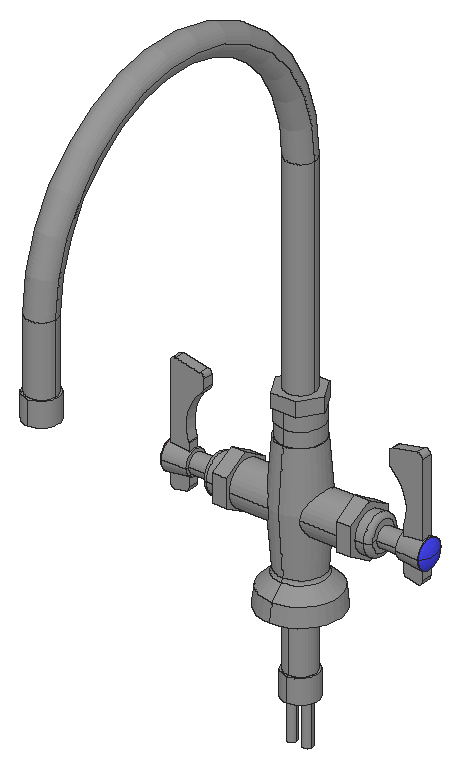
Revit family "Krowne_16-302L_DeckMount_Faucet", category Plumbing Fixtures, Revit 2018
Family settings
  Round Connector Dimension = Use Diameter
  Part Type = Normal
  OmniClass Number = 23.40.40.00
  OmniClass Title = Food Service Equipment and Furnishings
  Work Plane-Based = No
  Always vertical = Yes
  Cut with Voids When Loaded = No
  Shared = No
  Room Calculation Point = No
Parameters (values of type "16-302L")
  Width = 7"
  Weight in Pounds = 5
  Watermarked By = ""
  URL Cutsheet = ""
  URL = "https://krowne.com/"
  Status [instance] = ""
  Specification by User [instance] = ""
  Specification by Manufacturer [instance] = ""
  Serial Number [instance] = ""
  Revision Code [instance] = ""
  NAFEM Spec ID Number [instance] = ""
  Model = "16-302L"
  Masterspec [instance] = ""
  Manufacturer = "Krowne Metal"
  Item Number [instance] = "-"
  Installed By [instance] = ""
  Hot Water Temperature = 100 °F
  Hot Water Size = 1/2"
  Hot Water RI Height = 0"
  Hot Water Flow = 1.8 GPM
  Hot Water Connection Height = 0"
  Height = 13 7/8"
  Furnished By [instance] = ""
  Foodservice Equipment Identifier = yes
  Description = "Single Hole Deck Mount Pantry Faucet with 8-1/2\" Wide Gooseneck Spout"
  Depth = 7"
  Cold Water Size = 1/2"
  Cold Water RI Height [instance] = 0"
  Cold Water Flow = 1.8 GPM
  Cold Water Consumption = ""
  Cold Water Connection Height = 0"
  CSI MasterFormat = ""
  Assembly Code = "E1090300"
Reference planes (in)
  plane 1 "BACK": y = 0.0625
  plane 2: z = 0
  plane 3 "LEFT": x = -13.81573
  plane 4 "CENTER L/R": x = -12.56573
  plane 5: y = -0.9375
  plane 6: z = 13.875
  plane 7 "Faucet Lip": z = 8.125
  plane 8: y = -9.4375
  plane 9: z = 5.125
  plane 10: x = -9.06573
  plane 11 "CENTER L/S": x = -11.31573
  plane 12: z = 2.375
  plane 13: x = -16.06573
  plane 14 "CENTER L/T": y = -1.9375
Forms (in)
  Extrusion 1, solid, material "QF_Steel-Chrome-Polished"
    sketch origin (0, -2, 8.125) x (0, 1, 0) y (-1, 0, 0)
      loop
        circle (-7.4375, 12.56573) r 0.4375
    from 0 to 0.625
  Sweep 2, solid, material "QF_Steel-Chrome-Polished"
    path origin (-12.56573, 0, 0) x (0, 1, 0) y (0, 0, 1)
      loop
        line (-0.9375, 5.125) -> (-0.9375, 10.5625)
        arc (-0.9375, 10.5625) -> (-5.1875, 14.8125) -> (-9.4375, 10.5625) r 4.25
        line (-9.4375, 10.5625) -> (-9.4375, 8.1875)
    profile origin (-12.56573, -0.9375, 7.84375) x (0, -1, 0) y (1, 0, 0)
      loop
        circle (0, 0) r 0.375
  Revolve 3, solid, material "QF_Steel-Chrome-Polished"
    sketch origin (-12.56573, 0.1875, 0) x (0, 1, 0) y (0, 0, 1)
      loop
        line (-1.125, 0) -> (-0.125, 0) -> (-0.17096, 0.46529) -> (-0.49693, 0.79126)
        arc (-0.49693, 0.79126) -> (-0.5271, 0.84005) -> (-0.5323, 0.89717) r 0.125
        arc (-0.5323, 0.89717) -> (-0.42343, 2.44221) -> (-0.5323, 3.98724) r 11.01727
        line (-0.5323, 3.98724) -> (-1.125, 3.98724) -> (-1.125, 0)
      axis (-1.125, 0) -> (-1.125, 3.98724)
    angle from 0 to 360
  Extrusion 4, solid, material "QF_Steel-Chrome-Polished"
    sketch origin (-12.87823, 0.1875, -0.125) x (0, 1, 0) y (0, 0, 1)
      loop
        circle (-1.125, 2.5) r 0.5625
    from -1.125 to 1.75
  Revolve 5, solid, material "QF_Steel-Chrome-Polished"
    sketch origin (-12.56573, 0.1875, 0) x (0, 1, 0) y (0, 0, 1)
      loop
        line (-1.125, 0) -> (-1.125, -2.125) -> (-0.6875, -2.125) -> (-0.6875, -1.5) -> (-0.75, -1.5) -> (-0.75, 0) -> (-1.125, 0)
      axis (-1.125, 0) -> (-1.125, -2.125)
    angle from 0 to 360
  Extrusion 6, solid, material "QF_Steel-Chrome-Polished"
    sketch origin (-11.12823, -0.03125, 10.75323) x (0, 1, 0) y (0, 0, 1)
      loop
        line (-0.90625, -7.67139) -> (-1.51839, -8.02481) -> (-1.51839, -8.73164) -> (-0.90625, -9.08506) -> (-0.29411, -8.73164) -> (-0.29411, -8.02481) -> (-0.90625, -7.67139)
    from 0 to 0.375
  Revolve 7, solid, material "QF_Steel-Chrome-Polished"
    sketch origin (-15.12823, -0.03125, 2.375) x (0, 1, 0) y (-1, 0, 0)
      loop
        line (-0.90625, -4.375) -> (-0.90625, -4.75) -> (-0.53125, -4.75)
        arc (-0.53125, -4.75) -> (-0.44286, -4.71339) -> (-0.40625, -4.625) r 0.125
        line (-0.40625, -4.625) -> (-0.40625, -4.375) -> (-0.90625, -4.375)
      axis (-0.90625, -4.375) -> (-0.90625, -4.75)
    angle from 0 to 360
  Revolve 8, solid, material "QF_Steel-Chrome-Polished"
    sketch origin (-15.12823, -0.03125, 2.375) x (0, 1, 0) y (-1, 0, 0)
      loop
        line (-0.90625, -4.75) -> (-0.90625, -5.3125) -> (-0.65625, -5.3125) -> (-0.65625, -4.75) -> (-0.90625, -4.75)
      axis (-0.90625, -4.75) -> (-0.90625, -5.3125)
    angle from 0 to 360
  Revolve 9, solid, material "QF_Steel-Chrome-Polished"
    sketch origin (-15.12823, -0.03125, 2.375) x (0, 1, 0) y (-1, 0, 0)
      loop
        line (-0.90625, -5.3125) -> (-0.90625, -5.9375) -> (-0.53125, -5.9375) -> (-0.59375, -5.3125) -> (-0.90625, -5.3125)
      axis (-0.90625, -5.3125) -> (-0.90625, -5.9375)
    angle from 0 to 360
  Revolve 10, solid, material "QF_Plastic-Blue"
    sketch origin (-15.12823, -0.03125, 2.375) x (0, 1, 0) y (-1, 0, 0)
      loop
        line (-0.90625, -5.9375) -> (-0.90625, -6.0625)
        arc (-0.90625, -6.0625) -> (-0.70704, -6.03513) -> (-0.53125, -5.9375) r 0.54601
        line (-0.53125, -5.9375) -> (-0.90625, -5.9375)
      axis (-0.90625, -5.9375) -> (-0.90625, -6.0625)
    angle from 0 to 360
  Extrusion 11, solid, material "QF_Steel-Chrome-Polished"
    sketch origin (-15.12823, -0.9375, 10.75323) x (0, 0, 1) y (-1, 0, 0)
      loop
        arc (-6.12823, -5.875) -> (-6.03156, -5.82925) -> (-6.00565, -5.72549) r 0.125
        line (-6.00565, -5.72549) -> (-6.13064, -5.10053)
        arc (-6.13064, -5.10053) -> (-6.17396, -5.02837) -> (-6.25321, -5.00004) r 0.125
        line (-6.25321, -5.00004) -> (-6.5031, -5.00004)
        arc (-6.5031, -5.00004) -> (-6.55588, -5.01173) -> (-6.59879, -5.04462) r 0.125
        arc (-6.59879, -5.04462) -> (-7.17151, -5.40979) -> (-7.85017, -5.38199) r 1.13354
        arc (-7.85017, -5.38199) -> (-7.871, -5.37648) -> (-7.89247, -5.37462) r 0.125
        line (-7.89247, -5.37462) -> (-8.92568, -5.37462)
        arc (-8.92568, -5.37462) -> (-9.00493, -5.40295) -> (-9.04825, -5.47511) r 0.125
        line (-9.04825, -5.47511) -> (-9.09832, -5.72549)
        arc (-9.09832, -5.72549) -> (-9.07242, -5.82925) -> (-8.97575, -5.875) r 0.125
        line (-8.97575, -5.875) -> (-6.12823, -5.875)
    from -0.125 to 0.125
  Extrusion 12, solid, material "QF_Steel-Chrome-Polished"
    sketch origin (-14.00323, -0.03125, 10.75323) x (0, 1, 0) y (0, 0, -1)
      loop
        line (-0.90625, 7.67139) -> (-0.29411, 8.02481) -> (-0.29411, 8.73164) -> (-0.90625, 9.08506) -> (-1.51839, 8.73164) -> (-1.51839, 8.02481) -> (-0.90625, 7.67139)
    from 0 to 0.375
  Revolve 13, solid, material "QF_Steel-Chrome-Polished"
    sketch origin (-10.00323, -0.03125, 2.375) x (0, 1, 0) y (-1, 0, 0)
      loop
        line (-0.90625, 4.375) -> (-0.40625, 4.375) -> (-0.40625, 4.625)
        arc (-0.40625, 4.625) -> (-0.44286, 4.71339) -> (-0.53125, 4.75) r 0.125
        line (-0.53125, 4.75) -> (-0.90625, 4.75) -> (-0.90625, 4.375)
      axis (-0.90625, 4.375) -> (-0.90625, 4.75)
    angle from 0 to 360
  Revolve 14, solid, material "QF_Steel-Chrome-Polished"
    sketch origin (-10.00323, -0.03125, 2.375) x (0, 1, 0) y (-1, 0, 0)
      loop
        line (-0.90625, 4.75) -> (-0.65625, 4.75) -> (-0.65625, 5.3125) -> (-0.90625, 5.3125) -> (-0.90625, 4.75)
      axis (-0.90625, 4.75) -> (-0.90625, 5.3125)
    angle from 0 to 360
  Revolve 15, solid, material "QF_Steel-Chrome-Polished"
    sketch origin (-10.00323, -0.03125, 2.375) x (0, 1, 0) y (-1, 0, 0)
      loop
        line (-0.90625, 5.3125) -> (-0.59375, 5.3125) -> (-0.53125, 5.9375) -> (-0.90625, 5.9375) -> (-0.90625, 5.3125)
      axis (-0.90625, 5.3125) -> (-0.90625, 5.9375)
    angle from 0 to 360
  Revolve 16, solid, material "QF_Plastic-Red"
    sketch origin (-10.00323, -0.03125, 2.375) x (0, 1, 0) y (-1, 0, 0)
      loop
        line (-0.90625, 5.9375) -> (-0.53125, 5.9375)
        arc (-0.53125, 5.9375) -> (-0.70704, 6.03513) -> (-0.90625, 6.0625) r 0.54601
        line (-0.90625, 6.0625) -> (-0.90625, 5.9375)
      axis (-0.90625, 5.9375) -> (-0.90625, 6.0625)
    angle from 0 to 360
  Extrusion 17, solid, material "QF_Steel-Chrome-Polished"
    sketch origin (-10.00323, -0.9375, 10.75323) x (0, 0, 1) y (-1, 0, 0)
      loop
        line (-6.12823, 5.875) -> (-8.97575, 5.875)
        arc (-8.97575, 5.875) -> (-9.07242, 5.82925) -> (-9.09832, 5.72549) r 0.125
        line (-9.09832, 5.72549) -> (-9.04825, 5.47511)
        arc (-9.04825, 5.47511) -> (-9.00493, 5.40295) -> (-8.92568, 5.37462) r 0.125
        line (-8.92568, 5.37462) -> (-7.89247, 5.37462)
        arc (-7.89247, 5.37462) -> (-7.871, 5.37648) -> (-7.85017, 5.38199) r 0.125
        arc (-7.85017, 5.38199) -> (-7.17151, 5.40979) -> (-6.59879, 5.04462) r 1.13354
        arc (-6.59879, 5.04462) -> (-6.55588, 5.01173) -> (-6.5031, 5.00004) r 0.125
        line (-6.5031, 5.00004) -> (-6.25321, 5.00004)
        arc (-6.25321, 5.00004) -> (-6.17396, 5.02837) -> (-6.13064, 5.10053) r 0.125
        line (-6.13064, 5.10053) -> (-6.00565, 5.72549)
        arc (-6.00565, 5.72549) -> (-6.03156, 5.82925) -> (-6.12823, 5.875) r 0.125
    from -0.125 to 0.125
  Revolve 18, solid, material "QF_Steel-Chrome-Polished"
    sketch origin (-11.25165, -0.9375, 0) x (1, 0, 0) y (0, 0, -1)
      loop
        line (-1.125, 3.25) -> (-1.125, 2.125) -> (-1.0056, 2.125) -> (-1.0056, 3.25) -> (-1.125, 3.25)
      axis (-1.125, 2.125) -> (-1.125, 3.25)
    angle from 0 to 360
  Revolve 19, solid, material "QF_Steel-Chrome-Polished"
    sketch origin (-11.65948, -0.9375, 0) x (1, 0, 0) y (0, 0, -1)
      loop
        line (-1.125, 3.25) -> (-1.125, 2.125) -> (-1.0056, 2.125) -> (-1.0056, 3.25) -> (-1.125, 3.25)
      axis (-1.125, 2.125) -> (-1.125, 3.25)
    angle from 0 to 360
  Extrusion 20, solid, material "QF_Steel-Chrome-Polished"
    sketch origin (0, 0, 4.375) x (0, 1, 0) y (-1, 0, 0)
      loop
        circle (-0.9375, 12.56573) r 0.5625
    from 0 to 0.375
  Extrusion 21, solid, material "QF_Steel-Chrome-Polished"
    sketch origin (0, 0, 4.75) x (0, 1, 0) y (-1, 0, 0)
      loop
        line (-0.9375, 11.91391) -> (-0.37301, 12.23982) -> (-0.37301, 12.89163) -> (-0.9375, 13.21754) -> (-1.50199, 12.89163) -> (-1.50199, 12.23982) -> (-0.9375, 11.91391)
    from 0 to 0.375
  Extrusion 22, solid, material "QF_Steel-Chrome-Polished"
    sketch origin (0, 0, 3.98724) x (0, 1, 0) y (-1, 0, 0)
      loop
        circle (-0.9375, 12.56573) r 0.5551
    from 0 to 0.38776
Cuts and joins
  joined: Extrusion 1, Sweep 2
  joined: Revolve 15, Extrusion 17
  joined: Revolve 9, Extrusion 11
Lines and regions (in)
  symbolic lines
    curve 1: arc (-12.94073, -0.9375, 0) -> (-12.56573, -0.5625, 0) -> (-12.19073, -0.9375, 0) r 0.375
    curve 2: arc (-12.94073, -9.4375, 0) -> (-12.83089, -9.70267, 0) -> (-12.56573, -9.8125, 0) r 0.375
    curve 3: arc (-12.56573, -9.8125, 0) -> (-12.30056, -9.70267, 0) -> (-12.19073, -9.4375, 0) r 0.375
    curve 4: line (-12.94073, -9.4375, 0) -> (-12.94073, -0.9375, 0)
    curve 5: line (-12.19073, -0.9375, 0) -> (-12.19073, -9.4375, 0)
    curve 6: arc (-12.56573, 0.0625, 0) -> (-12.09802, -0.05362, 0) -> (-11.73893, -0.375, 0) r 1
    curve 7: arc (-12.94073, -1.86452, 0) -> (-13.19366, -1.71577, 0) -> (-13.39252, -1.5, 0) r 1
    curve 8: arc (-12.94073, -1.55954, 0) -> (-12.56573, -0.21296, 0) -> (-12.19073, -1.55954, 0) r 0.72551
    curve 9: line (-14.00323, -0.375, 0) -> (-14.00323, -1.5, 0)
    curve 10: line (-14.00323, -1.5, 0) -> (-13.02512, -1.5, 0)
    curve 11: line (-14.00323, -0.375, 0) -> (-13.02274, -0.375, 0)
    curve 12: line (-11.12823, -0.375, 0) -> (-11.12823, -1.5, 0)
    curve 13: line (-11.12823, -1.5, 0) -> (-12.10633, -1.5, 0)
    curve 14: line (-11.12823, -0.375, 0) -> (-12.10871, -0.375, 0)
    curve 15: arc (-13.39252, -0.375, 0) -> (-13.03343, -0.05362, 0) -> (-12.56573, 0.0625, 0) r 1
    curve 16: arc (-11.73893, -1.5, 0) -> (-11.93779, -1.71577, 0) -> (-12.19073, -1.86452, 0) r 1
    curve 17: line (-14.00323, -0.45036, 0) -> (-14.37823, -0.45036, 0)
    curve 18: line (-14.37823, -0.45036, 0) -> (-14.37823, -1.42464, 0)
    curve 19: line (-14.37823, -1.42464, 0) -> (-14.00323, -1.42464, 0)
    curve 20: line (-14.37823, -0.4375, 0) -> (-14.60737, -0.4375, 0)
    curve 21: line (-14.75575, -0.58588, 0) -> (-14.75575, -1.31956, 0)
    curve 22: line (-14.37823, -1.4375, 0) -> (-14.63781, -1.4375, 0)
    curve 23: arc (-14.60737, -0.4375, 0) -> (-14.71229, -0.48096, 0) -> (-14.75575, -0.58588, 0) r 0.14838
    curve 24: arc (-14.63781, -1.4375, 0) -> (-14.72121, -1.40295, 0) -> (-14.75575, -1.31956, 0) r 0.11794
    curve 25: line (-15.87823, -1.0625, 0) -> (-15.00327, -1.0625, 0)
    curve 26: line (-15.87823, -0.8125, 0) -> (-15.87823, -1.0625, 0)
    curve 27: line (-15.00327, -0.8125, 0) -> (-15.87823, -0.8125, 0)
    curve 28: line (-15.00327, -1.0625, 0) -> (-15.00327, -0.8125, 0)
    curve 29: line (-15.31573, -0.8125, 0) -> (-15.31573, -0.625, 0)
    curve 30: line (-15.31573, -0.625, 0) -> (-15.94073, -0.5625, 0)
    curve 31: line (-15.94073, -0.5625, 0) -> (-15.94073, -1.3125, 0)
    curve 32: line (-15.94073, -1.3125, 0) -> (-15.31573, -1.25, 0)
    curve 33: line (-15.31573, -1.25, 0) -> (-15.31573, -1.0625, 0)
    curve 34: line (-15.31573, -1.19301, 0) -> (-14.75575, -1.19301, 0)
    curve 35: line (-15.31573, -0.68191, 0) -> (-14.75575, -0.68191, 0)
    curve 36: arc (-15.94073, -1.3125, 0) -> (-16.06573, -0.9375, 0) -> (-15.94073, -0.5625, 0) r 0.625
    curve 37: line (-11.12823, -0.45036, 0) -> (-10.75323, -0.45036, 0)
    curve 38: line (-10.75323, -0.45036, 0) -> (-10.75323, -1.42464, 0)
    curve 39: line (-10.75323, -1.42464, 0) -> (-11.12823, -1.42464, 0)
    curve 40: line (-10.75323, -0.4375, 0) -> (-10.52408, -0.4375, 0)
    curve 41: line (-10.3757, -0.58588, 0) -> (-10.3757, -1.31956, 0)
    curve 42: line (-10.75323, -1.4375, 0) -> (-10.49364, -1.4375, 0)
    curve 43: arc (-10.52408, -0.4375, 0) -> (-10.41916, -0.48096, 0) -> (-10.3757, -0.58588, 0) r 0.14838
    curve 44: arc (-10.49364, -1.4375, 0) -> (-10.41024, -1.40295, 0) -> (-10.3757, -1.31956, 0) r 0.11794
    curve 45: line (-9.25323, -1.0625, 0) -> (-10.12819, -1.0625, 0)
    curve 46: line (-9.25323, -0.8125, 0) -> (-9.25323, -1.0625, 0)
    curve 47: line (-10.12819, -0.8125, 0) -> (-9.25323, -0.8125, 0)
    curve 48: line (-10.12819, -1.0625, 0) -> (-10.12819, -0.8125, 0)
    curve 49: line (-9.81573, -0.8125, 0) -> (-9.81573, -0.625, 0)
    curve 50: line (-9.81573, -0.625, 0) -> (-9.19073, -0.5625, 0)
    curve 51: line (-9.19073, -0.5625, 0) -> (-9.19073, -1.3125, 0)
    curve 52: line (-9.19073, -1.3125, 0) -> (-9.81573, -1.25, 0)
    curve 53: line (-9.81573, -1.25, 0) -> (-9.81573, -1.0625, 0)
    curve 54: line (-9.81573, -1.19301, 0) -> (-10.3757, -1.19301, 0)
    curve 55: line (-9.81573, -0.68191, 0) -> (-10.3757, -0.68191, 0)
    curve 56: arc (-9.19073, -1.3125, 0) -> (-9.06573, -0.9375, 0) -> (-9.19073, -0.5625, 0) r 0.625
    curve 57: line (-11.91391, -0.9375, 0) -> (-12.23982, -0.37301, 0)
    curve 58: line (-12.23982, -0.37301, 0) -> (-12.89163, -0.37301, 0)
    curve 59: line (-12.89163, -0.37301, 0) -> (-13.21754, -0.9375, 0)
    curve 60: line (-13.21754, -0.9375, 0) -> (-12.94073, -1.41696, 0)
    curve 61: line (-12.19073, -1.41696, 0) -> (-11.91391, -0.9375, 0)
Dimensions and locks (in)
  plane 8 to plane 5 = 8 1/2"
  plane 7 "Faucet Lip" to plane 9 = 3"
  plane 5 to plane 1 "BACK" = 1"
  plane 6 to plane 9 = 8 3/4"
  plane 3 "LEFT" to plane 10 = 4 3/4"
  plane 11 "CENTER L/S" to plane 3 "LEFT" = 2 1/2"
  plane 12 to level = 2 3/8"
  plane 10 to plane 13 = 7"
  plane 6 to level = 13 7/8"
  plane 7 "Faucet Lip" to level = 8 1/8"
  plane 1 "BACK" to plane 14 "CENTER L/T" = 2"
  plane 5 to plane 8 = 8 1/2"
  aligned and locked: level to plane 2
  aligned and locked: Sweep 2 sketch curve to plane 8
  aligned and locked: Revolve 7 sketch curve to Extrusion 6
  aligned and locked: Revolve 9 sketch curve to Revolve 9 sketch curve
  aligned and locked: Extrusion 12 to Revolve 13 sketch curve
  aligned and locked: Revolve 15 sketch curve to Revolve 15 sketch curve
Connectors (in)
  piping at (-12.37665, -0.9375, -3.25), diameter 0.5, driven by "Cold Water Size", driven by "Cold Water Flow"
    settings: on Revolve 18, index 1, connector inside diameter 24", connector length 0", flow factor 0, pipe flow 1.8 GPM, pressure drop 0.00 psi, fitting loss kfactor 0, connector angle 0.00°, fixture units 0, engagement length 0", angle of deflection 0.00°, flow configuration 0, flow direction 0, fitting loss method 0, system type 20, joint type 0, gender type 0, connector reference index -1, connector utility 0, adjustable connector no, is connector primary yes, connector description ""
  piping at (-12.78448, -0.9375, -3.25), diameter 0.5, driven by "Hot Water Size", driven by "Hot Water Flow"
    settings: on Revolve 19, index 2, connector inside diameter 24", connector length 0", flow factor 0, pipe flow 1.8 GPM, pressure drop 0.00 psi, fitting loss kfactor 0, connector angle 0.00°, fixture units 0, engagement length 0", angle of deflection 0.00°, flow configuration 0, flow direction 0, fitting loss method 0, system type 19, joint type 0, gender type 0, connector reference index -1, connector utility 0, adjustable connector no, is connector primary no, connector description ""
